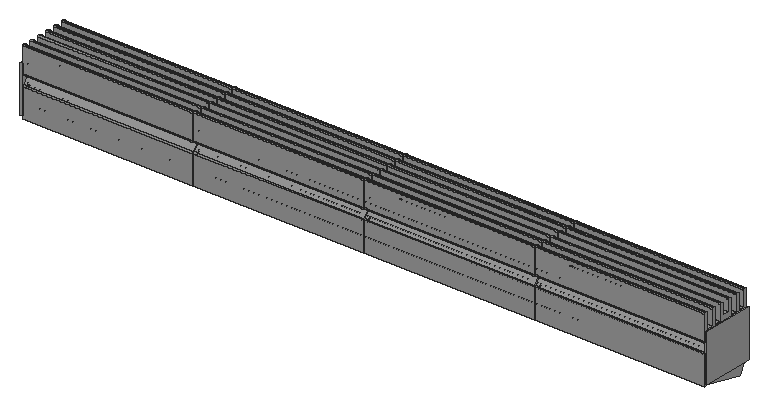
Revit family "Artemide_Sharp_WallWasher_TrimTrimless", category Lighting Fixtures, Revit 2018 (continued)
Types (72, lengths in mm): name | Wattage | V_Trim | V_2Optics | V_1Optic | TotalNumberOfOptics | built-in parameter 1150134 | Photometric Web File | NumberOfOptics | M_Trim | M_Housing | built-in parameter 1150105 | Lumens | built-in parameter 1150107 | built-in parameter 1150106 | URL to O&M Manual | Trim Colour  | Product Model Number | Overall Length | Housing Colour  | Emit from Rectangle Width | Efficiency | built-in parameter 1150104 | Distance_RightEndClosure | Colour Temperature | \u001fM_Louvre
  SharpWallWasher_Trimless_4opticunit_44W_4000K_Black/Black_AF75804 | 44 W | no | no | yes | 4 | 12 | "AF75804.IES" | 3 | none | Artemide_Aluminum_Black | 3100.2 (stored number, unit not read) | 2810.28 lm | 4000 (stored number, unit not read) | 31.002 (stored number, unit not read) | "https://www.artemide.com/contents/documenti/prodotto/sharp_wallwasher_instructions4862666.pdf" | "Black/Black" | "AF75804" | 591 | "Black/Black" | 593.6 | 60 | 5.9337 (stored number, unit not read) | 521.2 | 4000 | Artemide_Aluminum_Black
  SharpWallWasher_Trim_1opticunit_11W_2700K_White/White_AF10901 | 11 W | yes | no | no | 3 | (empty or 0) | "AF10901.IES" | 2 | Artemide_Aluminum_White | Artemide_Aluminum_White | 638.94 (stored number, unit not read) | 616.11 lm | 2700 (stored number, unit not read) | 6.3894 (stored number, unit not read) | "https://www.artemide.com/contents/documenti/prodotto/sharp_wallwasher_instructions4862651.pdf" | "White/White" | "AF10901" | 147 | "White/White" | 146 | 65 | 5.2035 (stored number, unit not read) | 76 | 2700 | Artemide_Aluminum_White
  SharpWallWasher_Trim_1opticunit_11W_2700K_Black/Black_AF10904 | 11 W | yes | no | no | 3 | (empty or 0) | "AF10904.IES" | 2 | Artemide_Aluminum_Black | Artemide_Aluminum_Black | 638.94 (stored number, unit not read) | 616.11 lm | 2700 (stored number, unit not read) | 6.3894 (stored number, unit not read) | "https://www.artemide.com/contents/documenti/prodotto/sharp_wallwasher_instructions4862651.pdf" | "Black/Black" | "AF10904" | 147 | "Black/Black" | 146 | 60 | 5.2035 (stored number, unit not read) | 76 | 2700 | Artemide_Aluminum_Black
  SharpWallWasher_Trim_1opticunit_11W_2700K_Silver/Black_AF10905 | 11 W | yes | no | no | 3 | (empty or 0) | "AF10905.IES" | 2 | Artemide_Aluminum_BrushedSilver | Artemide_Aluminum_BrushedSilver | 638.94 (stored number, unit not read) | 616.11 lm | 2700 (stored number, unit not read) | 6.3894 (stored number, unit not read) | "https://www.artemide.com/contents/documenti/prodotto/sharp_wallwasher_instructions4862651.pdf" | "Silver/Black" | "AF10905" | 147 | "Silver/Black" | 146 | 60 | 5.2035 (stored number, unit not read) | 76 | 2700 | Artemide_Aluminum_Black
  SharpWallWasher_Trim_1opticunit_11W_2700K_White/Black_AF10954 | 11 W | yes | no | no | 3 | (empty or 0) | "AF10954.IES" | 2 | Artemide_Aluminum_White | Artemide_Aluminum_White | 638.94 (stored number, unit not read) | 616.11 lm | 2700 (stored number, unit not read) | 6.3894 (stored number, unit not read) | "https://www.artemide.com/contents/documenti/prodotto/sharp_wallwasher_instructions4862651.pdf" | "White/Black" | "AF10954" | 147 | "White/Black" | 146 | 60 | 5.2035 (stored number, unit not read) | 76 | 2700 | Artemide_Aluminum_Black
  SharpWallWasher_Trim_1opticunit_11W_3000K_White/White_AF11001 | 11 W | yes | no | no | 3 | (empty or 0) | "AF11001.IES" | 2 | Artemide_Aluminum_White | Artemide_Aluminum_White | 724.21 (stored number, unit not read) | 656.48 lm | 3000 (stored number, unit not read) | 7.2421 (stored number, unit not read) | "https://www.artemide.com/contents/documenti/prodotto/sharp_wallwasher_instructions4862651.pdf" | "White/White" | "AF11001" | 147 | "White/White" | 146 | 60 | 5.5445 (stored number, unit not read) | 76 | 3000 | Artemide_Aluminum_White
  SharpWallWasher_Trim_1opticunit_11W_3000K_Black/Black_AF11004 | 11 W | yes | no | no | 3 | (empty or 0) | "AF11004.IES" | 2 | Artemide_Aluminum_Black | Artemide_Aluminum_Black | 724.21 (stored number, unit not read) | 656.48 lm | 3000 (stored number, unit not read) | 7.2421 (stored number, unit not read) | "https://www.artemide.com/contents/documenti/prodotto/sharp_wallwasher_instructions4862651.pdf" | "Black/Black" | "AF11004" | 147 | "Black/Black" | 146 | 60 | 5.5445 (stored number, unit not read) | 76 | 3000 | Artemide_Aluminum_Black
  SharpWallWasher_Trim_1opticunit_11W_3000K_Silver/Black_AF11005 | 11 W | yes | no | no | 3 | (empty or 0) | "AF11005.IES" | 2 | Artemide_Aluminum_BrushedSilver | Artemide_Aluminum_BrushedSilver | 724.21 (stored number, unit not read) | 656.48 lm | 3000 (stored number, unit not read) | 7.2421 (stored number, unit not read) | "https://www.artemide.com/contents/documenti/prodotto/sharp_wallwasher_instructions4862651.pdf" | "Silver/Black" | "AF11005" | 147 | "Silver/Black" | 146 | 60 | 5.5445 (stored number, unit not read) | 76 | 3000 | Artemide_Aluminum_Black
  SharpWallWasher_Trim_1opticunit_11W_3000K_White/Black_AF11054 | 11 W | yes | no | no | 3 | (empty or 0) | "AF11054.IES" | 2 | Artemide_Aluminum_White | Artemide_Aluminum_White | 724.21 (stored number, unit not read) | 656.48 lm | 3000 (stored number, unit not read) | 7.2421 (stored number, unit not read) | "https://www.artemide.com/contents/documenti/prodotto/sharp_wallwasher_instructions4862651.pdf" | "White/Black" | "AF11054" | 147 | "White/Black" | 146 | 60 | 5.5445 (stored number, unit not read) | 76 | 3000 | Artemide_Aluminum_Black
  SharpWallWasher_Trim_1opticunit_11W_4000K_White/White_AF11101 | 11 W | yes | no | no | 3 | 12 | "AF11101.IES" | 2 | Artemide_Aluminum_White | Artemide_Aluminum_White | 775.06 (stored number, unit not read) | 702.57 lm | 4000 (stored number, unit not read) | 7.7506 (stored number, unit not read) | "https://www.artemide.com/contents/documenti/prodotto/sharp_wallwasher_instructions4862651.pdf" | "White/White" | "AF11101" | 147 | "White/White" | 146 | 65 | 5.9337 (stored number, unit not read) | 76 | 4000 | Artemide_Aluminum_White
  SharpWallWasher_Trim_1opticunit_11W_4000K_Black/Black_AF11104 | 11 W | yes | no | no | 3 | 12 | "AF11104.IES" | 2 | Artemide_Aluminum_Black | Artemide_Aluminum_Black | 775.06 (stored number, unit not read) | 702.57 lm | 4000 (stored number, unit not read) | 7.7506 (stored number, unit not read) | "https://www.artemide.com/contents/documenti/prodotto/sharp_wallwasher_instructions4862651.pdf" | "Black/Black" | "AF11104" | 147 | "Black/Black" | 146 | 60 | 5.9337 (stored number, unit not read) | 76 | 4000 | Artemide_Aluminum_Black
  SharpWallWasher_Trim_1opticunit_11W_4000K_Silver/Black_AF11105 | 11 W | yes | no | no | 3 | 12 | "AF11105.IES" | 2 | Artemide_Aluminum_BrushedSilver | Artemide_Aluminum_BrushedSilver | 775.06 (stored number, unit not read) | 702.57 lm | 4000 (stored number, unit not read) | 7.7506 (stored number, unit not read) | "https://www.artemide.com/contents/documenti/prodotto/sharp_wallwasher_instructions4862651.pdf" | "Silver/Black" | "AF11105" | 147 | "Silver/Black" | 146 | 60 | 5.9337 (stored number, unit not read) | 76 | 4000 | Artemide_Aluminum_Black
  SharpWallWasher_Trim_1opticunit_11W_4000K_White/Black_AF11154 | 11 W | yes | no | no | 3 | 12 | "AF11154.IES" | 2 | Artemide_Aluminum_White | Artemide_Aluminum_White | 775.06 (stored number, unit not read) | 702.57 lm | 4000 (stored number, unit not read) | 7.7506 (stored number, unit not read) | "https://www.artemide.com/contents/documenti/prodotto/sharp_wallwasher_instructions4862651.pdf" | "White/Black" | "AF11154" | 147 | "White/Black" | 146 | 60 | 5.9337 (stored number, unit not read) | 76 | 4000 | Artemide_Aluminum_Black
  SharpWallWasher_Trim_2opticunit_22W_2700K_White/White_AF15601 | 22 W | yes | yes | no | 3 | (empty or 0) | "AF15601.IES" | 2 | Artemide_Aluminum_White | Artemide_Aluminum_White | 1277.9 (stored number, unit not read) | 1232.22 lm | 2700 (stored number, unit not read) | 12.779 (stored number, unit not read) | "https://www.artemide.com/contents/documenti/prodotto/sharp_wallwasher_instructions4862660.pdf" | "White/White" | "AF15601" | 230 | "White/White" | 296.8 | 65 | 5.2035 (stored number, unit not read) | 224.4 | 2700 | Artemide_Aluminum_White
  SharpWallWasher_Trim_2opticunit_22W_3000K_White/White_AF15701 | 22 W | yes | yes | no | 3 | (empty or 0) | "AF15701.IES" | 2 | Artemide_Aluminum_White | Artemide_Aluminum_White | 1361.6 (stored number, unit not read) | 1312.96 lm | 3000 (stored number, unit not read) | 13.616 (stored number, unit not read) | "https://www.artemide.com/contents/documenti/prodotto/sharp_wallwasher_instructions4862660.pdf" | "White/White" | "AF15701" | 230 | "White/White" | 296.8 | 65 | 5.5445 (stored number, unit not read) | 224.4 | 3000 | Artemide_Aluminum_White
  SharpWallWasher_Trim_2opticunit_22W_4000K_White/White_AF15801 | 22 W | yes | yes | no | 3 | 12 | "AF15801.IES" | 2 | Artemide_Aluminum_White | Artemide_Aluminum_White | 1457.2 (stored number, unit not read) | 1405.14 lm | 4000 (stored number, unit not read) | 14.572 (stored number, unit not read) | "https://www.artemide.com/contents/documenti/prodotto/sharp_wallwasher_instructions4862660.pdf" | "White/White" | "AF15801" | 230 | "White/White" | 296.8 | 65 | 5.9337 (stored number, unit not read) | 224.4 | 4000 | Artemide_Aluminum_White
  SharpWallWasher_Trim_2opticunit_22W_2700K_Black/Black_AF15604 | 22 W | yes | yes | no | 3 | (empty or 0) | "AF15604.IES" | 2 | Artemide_Aluminum_Black | Artemide_Aluminum_Black | 1277.9 (stored number, unit not read) | 1232.22 lm | 2700 (stored number, unit not read) | 12.779 (stored number, unit not read) | "https://www.artemide.com/contents/documenti/prodotto/sharp_wallwasher_instructions4862660.pdf" | "Black/Black" | "AF15604" | 230 | "Black/Black" | 296.8 | 60 | 5.2035 (stored number, unit not read) | 224.4 | 2700 | Artemide_Aluminum_Black
  SharpWallWasher_Trim_2opticunit_22W_3000K_Black/Black_AF15704 | 22 W | yes | yes | no | 3 | (empty or 0) | "AF15704.IES" | 2 | Artemide_Aluminum_Black | Artemide_Aluminum_Black | 1448.4 (stored number, unit not read) | 1312.96 lm | 3000 (stored number, unit not read) | 14.484 (stored number, unit not read) | "https://www.artemide.com/contents/documenti/prodotto/sharp_wallwasher_instructions4862660.pdf" | "Black/Black" | "AF15704" | 230 | "Black/Black" | 296.8 | 60 | 5.5445 (stored number, unit not read) | 224.4 | 3000 | Artemide_Aluminum_Black
  SharpWallWasher_Trim_2opticunit_22W_4000K_Black/Black_AF15804 | 22 W | yes | yes | no | 3 | 12 | "AF15804.IES" | 2 | Artemide_Aluminum_Black | Artemide_Aluminum_Black | 1550.1 (stored number, unit not read) | 1405.14 lm | 4000 (stored number, unit not read) | 15.501 (stored number, unit not read) | "https://www.artemide.com/contents/documenti/prodotto/sharp_wallwasher_instructions4862660.pdf" | "Black/Black" | "AF15804" | 230 | "Black/Black" | 296.8 | 60 | 5.9337 (stored number, unit not read) | 224.4 | 4000 | Artemide_Aluminum_Black
  SharpWallWasher_Trim_2opticunit_22W_2700K_Silver/Black_AF15605 | 22 W | yes | yes | no | 3 | (empty or 0) | "AF15605.IES" | 2 | Artemide_Aluminum_BrushedSilver | Artemide_Aluminum_BrushedSilver | 98.057 (stored number, unit not read) | 1232.22 lm | 2700 (stored number, unit not read) | 0.98057 (stored number, unit not read) | "https://www.artemide.com/contents/documenti/prodotto/sharp_wallwasher_instructions4862660.pdf" | "Silver/Black" | "AF15605" | 230 | "Silver/Black" | 296.8 | 60 | 5.2035 (stored number, unit not read) | 224.4 | 2700 | Artemide_Aluminum_Black
  SharpWallWasher_Trim_2opticunit_22W_3000K_Silver/Black_AF15705 | 22 W | yes | yes | no | 3 | (empty or 0) | "AF15705.IES" | 2 | Artemide_Aluminum_BrushedSilver | Artemide_Aluminum_BrushedSilver | 1448.4 (stored number, unit not read) | 1312.96 lm | 3000 (stored number, unit not read) | 14.484 (stored number, unit not read) | "https://www.artemide.com/contents/documenti/prodotto/sharp_wallwasher_instructions4862660.pdf" | "Silver/Black" | "AF15705" | 230 | "Silver/Black" | 296.8 | 60 | 5.5445 (stored number, unit not read) | 224.4 | 3000 | Artemide_Aluminum_Black
  SharpWallWasher_Trim_2opticunit_22W_4000K_Silver/Black_AF15805 | 22 W | yes | yes | no | 3 | 12 | "AF15805.IES" | 2 | Artemide_Aluminum_BrushedSilver | Artemide_Aluminum_BrushedSilver | 1550.1 (stored number, unit not read) | 1405.14 lm | 4000 (stored number, unit not read) | 15.501 (stored number, unit not read) | "https://www.artemide.com/contents/documenti/prodotto/sharp_wallwasher_instructions4862660.pdf" | "Silver/Black" | "AF15805" | 230 | "Silver/Black" | 296.8 | 60 | 5.9337 (stored number, unit not read) | 224.4 | 4000 | Artemide_Aluminum_Black
  SharpWallWasher_Trim_2opticunit_22W_2700K_White/Black_AF15654 | 22 W | yes | yes | no | 3 | (empty or 0) | "AF15654.IES" | 2 | Artemide_Aluminum_White | Artemide_Aluminum_White | 1359.3 (stored number, unit not read) | 1232.22 lm | 2700 (stored number, unit not read) | 13.593 (stored number, unit not read) | "https://www.artemide.com/contents/documenti/prodotto/sharp_wallwasher_instructions4862660.pdf" | "White/Black" | "AF15654" | 230 | "White/Black" | 296.8 | 60 | 5.2035 (stored number, unit not read) | 224.4 | 2700 | Artemide_Aluminum_Black
  SharpWallWasher_Trim_2opticunit_22W_3000K_White/Black_AF15754 | 22 W | yes | yes | no | 3 | (empty or 0) | "AF15754.IES" | 2 | Artemide_Aluminum_White | Artemide_Aluminum_White | 1448.4 (stored number, unit not read) | 1312.96 lm | 3000 (stored number, unit not read) | 14.484 (stored number, unit not read) | "https://www.artemide.com/contents/documenti/prodotto/sharp_wallwasher_instructions4862660.pdf" | "White/Black" | "AF15754" | 230 | "White/Black" | 296.8 | 60 | 5.5445 (stored number, unit not read) | 224.4 | 3000 | Artemide_Aluminum_Black
  SharpWallWasher_Trim_2opticunit_22W_4000K_White/Black_AF15854 | 22 W | yes | yes | no | 3 | 12 | "AF15854.IES" | 2 | Artemide_Aluminum_White | Artemide_Aluminum_White | 1550.1 (stored number, unit not read) | 1405.14 lm | 4000 (stored number, unit not read) | 15.501 (stored number, unit not read) | "https://www.artemide.com/contents/documenti/prodotto/sharp_wallwasher_instructions4862660.pdf" | "White/Black" | "AF15854" | 230 | "White/Black" | 296.8 | 60 | 5.9337 (stored number, unit not read) | 224.4 | 4000 | Artemide_Aluminum_Black
  SharpWallWasher_Trim_3opticunit_33W_2700K_White/White_AF20601 | 33 W | yes | no | yes | 3 | (empty or 0) | "AF20601.IES" | 2 | Artemide_Aluminum_White | Artemide_Aluminum_White | 2197.4 (stored number, unit not read) | 1991.88 lm | 2700 (stored number, unit not read) | 21.974 (stored number, unit not read) | "https://www.artemide.com/contents/documenti/prodotto/sharp_wallwasher_instructions4862657.pdf" | "White/White" | "AF20601" | 443 | "White/White" | 445.2 | 65 | 5.6076 (stored number, unit not read) | 372.8 | 2700 | Artemide_Aluminum_White
  SharpWallWasher_Trim_3opticunit_33W_3000K_White/White_AF20701 | 33 W | yes | no | yes | 3 | (empty or 0) | "AF20701.IES" | 2 | Artemide_Aluminum_White | Artemide_Aluminum_White | 2200.9 (stored number, unit not read) | 2122.23 lm | 3000 (stored number, unit not read) | 22.009 (stored number, unit not read) | "https://www.artemide.com/contents/documenti/prodotto/sharp_wallwasher_instructions4862657.pdf" | "White/White" | "AF20701" | 443 | "White/White" | 445.2 | 65 | 5.9746 (stored number, unit not read) | 372.8 | 3000 | Artemide_Aluminum_White
  SharpWallWasher_Trim_3opticunit_33W_4000K_White/White_AF20801 | 33 W | yes | no | yes | 3 | 12 | "AF20801.IES" | 2 | Artemide_Aluminum_White | Artemide_Aluminum_White | 2185.8 (stored number, unit not read) | 2107.71 lm | 4000 (stored number, unit not read) | 21.858 (stored number, unit not read) | "https://www.artemide.com/contents/documenti/prodotto/sharp_wallwasher_instructions4862657.pdf" | "White/White" | "AF20801" | 443 | "White/White" | 445.2 | 65 | 5.9337 (stored number, unit not read) | 372.8 | 4000 | Artemide_Aluminum_White
  SharpWallWasher_Trim_3opticunit_33W_2700K_Black/Black_AF20604 | 33 W | yes | no | yes | 3 | (empty or 0) | "AF20604.IES" | 2 | Artemide_Aluminum_Black | Artemide_Aluminum_Black | 1916.8 (stored number, unit not read) | 1848.33 lm | 2700 (stored number, unit not read) | 19.168 (stored number, unit not read) | "https://www.artemide.com/contents/documenti/prodotto/sharp_wallwasher_instructions4862657.pdf" | "Black/Black" | "AF20604" | 443 | "Black/Black" | 445.2 | 60 | 5.2035 (stored number, unit not read) | 372.8 | 2700 | Artemide_Aluminum_Black
  SharpWallWasher_Trim_3opticunit_33W_3000K_Black/Black_AF20704 | 33 W | yes | no | yes | 3 | (empty or 0) | "AF20704.IES" | 2 | Artemide_Aluminum_Black | Artemide_Aluminum_Black | 2172.6 (stored number, unit not read) | 1969.44 lm | 3000 (stored number, unit not read) | 21.726 (stored number, unit not read) | "https://www.artemide.com/contents/documenti/prodotto/sharp_wallwasher_instructions4862657.pdf" | "Black/Black" | "AF20704" | 443 | "Black/Black" | 445.2 | 60 | 5.5445 (stored number, unit not read) | 372.8 | 3000 | Artemide_Aluminum_Black
  SharpWallWasher_Trim_3opticunit_33W_4000K_Black/Black_AF20804 | 33 W | yes | no | yes | 3 | 12 | "AF20804.IES" | 2 | Artemide_Aluminum_Black | Artemide_Aluminum_Black | 2325.2 (stored number, unit not read) | 2107.71 lm | 4000 (stored number, unit not read) | 23.252 (stored number, unit not read) | "https://www.artemide.com/contents/documenti/prodotto/sharp_wallwasher_instructions4862657.pdf" | "Black/Black" | "AF20804" | 443 | "Black/Black" | 445.2 | 60 | 5.9337 (stored number, unit not read) | 372.8 | 4000 | Artemide_Aluminum_Black
  SharpWallWasher_Trim_3opticunit_33W_2700K_Silver/Black_AF20605 | 33 W | yes | no | yes | 3 | (empty or 0) | "AF20605.IES" | 2 | Artemide_Aluminum_BrushedSilver | Artemide_Aluminum_BrushedSilver | 2039 (stored number, unit not read) | 1848.33 lm | 2700 (stored number, unit not read) | 20.39 (stored number, unit not read) | "https://www.artemide.com/contents/documenti/prodotto/sharp_wallwasher_instructions4862657.pdf" | "Silver/Black" | "AF20605" | 443 | "Silver/Black" | 445.2 | 60 | 5.2035 (stored number, unit not read) | 372.8 | 2700 | Artemide_Aluminum_Black
  SharpWallWasher_Trim_3opticunit_33W_3000K_Silver/Black_AF20705 | 33 W | yes | no | yes | 3 | (empty or 0) | "AF20705.IES" | 2 | Artemide_Aluminum_BrushedSilver | Artemide_Aluminum_BrushedSilver | 2172.6 (stored number, unit not read) | 1969.44 lm | 3000 (stored number, unit not read) | 21.726 (stored number, unit not read) | "https://www.artemide.com/contents/documenti/prodotto/sharp_wallwasher_instructions4862657.pdf" | "Silver/Black" | "AF20705" | 443 | "Silver/Black" | 445.2 | 60 | 5.5445 (stored number, unit not read) | 372.8 | 3000 | Artemide_Aluminum_Black
  SharpWallWasher_Trim_3opticunit_33W_4000K_Silver/Black_AF20805 | 33 W | yes | no | yes | 3 | 12 | "AF20805.IES" | 2 | Artemide_Aluminum_BrushedSilver | Artemide_Aluminum_BrushedSilver | 2325.2 (stored number, unit not read) | 2107.71 lm | 4000 (stored number, unit not read) | 23.252 (stored number, unit not read) | "https://www.artemide.com/contents/documenti/prodotto/sharp_wallwasher_instructions4862657.pdf" | "Silver/Black" | "AF20805" | 443 | "Silver/Black" | 445.2 | 60 | 5.9337 (stored number, unit not read) | 372.8 | 4000 | Artemide_Aluminum_Black
  SharpWallWasher_Trim_3opticunit_33W_2700K_White/Black_AF20654 | 33 W | yes | no | yes | 3 | (empty or 0) | "AF20654.IES" | 2 | Artemide_Aluminum_White | Artemide_Aluminum_White | 2039 (stored number, unit not read) | 1848.33 lm | 2700 (stored number, unit not read) | 20.39 (stored number, unit not read) | "https://www.artemide.com/contents/documenti/prodotto/sharp_wallwasher_instructions4862657.pdf" | "White/Black" | "AF20654" | 443 | "White/Black" | 445.2 | 60 | 5.2035 (stored number, unit not read) | 372.8 | 2700 | Artemide_Aluminum_Black
  SharpWallWasher_Trim_3opticunit_33W_3000K_White/Black_AF20754 | 33 W | yes | no | yes | 3 | (empty or 0) | "AF20754.IES" | 2 | Artemide_Aluminum_White | Artemide_Aluminum_White | 2172.6 (stored number, unit not read) | 1969.44 lm | 3000 (stored number, unit not read) | 21.726 (stored number, unit not read) | "https://www.artemide.com/contents/documenti/prodotto/sharp_wallwasher_instructions4862657.pdf" | "White/Black" | "AF20754" | 443 | "White/Black" | 445.2 | 60 | 5.5445 (stored number, unit not read) | 372.8 | 3000 | Artemide_Aluminum_Black
  SharpWallWasher_Trim_3opticunit_33W_4000K_White/Black_AF20854 | 33 W | yes | no | yes | 3 | 12 | "AF20854.IES" | 2 | Artemide_Aluminum_White | Artemide_Aluminum_White | 2325.2 (stored number, unit not read) | 2107.71 lm | 4000 (stored number, unit not read) | 23.252 (stored number, unit not read) | "https://www.artemide.com/contents/documenti/prodotto/sharp_wallwasher_instructions4862657.pdf" | "White/Black" | "AF20854" | 443 | "White/Black" | 445.2 | 60 | 5.9337 (stored number, unit not read) | 372.8 | 4000 | Artemide_Aluminum_Black
  SharpWallWasher_Trim_4opticunit_44W_2700K_White/White_AF25601 | 44 W | yes | no | yes | 4 | (empty or 0) | "AF25601.IES" | 3 | Artemide_Aluminum_White | Artemide_Aluminum_White | 2929.8 (stored number, unit not read) | 2655.84 lm | 2700 (stored number, unit not read) | 29.298 (stored number, unit not read) | "https://www.artemide.com/contents/documenti/prodotto/sharp_wallwasher_instructions4862666.pdf" | "White/White" | "AF25601" | 591 | "White/White" | 593.6 | 65 | 5.6076 (stored number, unit not read) | 521.2 | 2700 | Artemide_Aluminum_White
  SharpWallWasher_Trim_4opticunit_44W_3000K_White/White_AF25701 | 44 W | yes | no | yes | 4 | (empty or 0) | "AF25701.IES" | 3 | Artemide_Aluminum_White | Artemide_Aluminum_White | 2934.5 (stored number, unit not read) | 2829.64 lm | 3000 (stored number, unit not read) | 29.345 (stored number, unit not read) | "https://www.artemide.com/contents/documenti/prodotto/sharp_wallwasher_instructions4862666.pdf" | "White/White" | "AF25701" | 591 | "White/White" | 593.6 | 65 | 5.9746 (stored number, unit not read) | 521.2 | 3000 | Artemide_Aluminum_White
  SharpWallWasher_Trim_4opticunit_44W_4000K_White/White_AF25801 | 44 W | yes | no | yes | 4 | 12 | "AF25801.IES" | 3 | Artemide_Aluminum_White | Artemide_Aluminum_White | 3140.3 (stored number, unit not read) | 3028.08 lm | 4000 (stored number, unit not read) | 31.403 (stored number, unit not read) | "https://www.artemide.com/contents/documenti/prodotto/sharp_wallwasher_instructions4862666.pdf" | "White/White" | "AF25801" | 591 | "White/White" | 593.6 | 65 | 6.3936 (stored number, unit not read) | 521.2 | 4000 | Artemide_Aluminum_White
  SharpWallWasher_Trim_4opticunit_44W_2700K_Black/Black_AF25604 | 44 W | yes | no | yes | 4 | (empty or 0) | "AF25604.IES" | 3 | Artemide_Aluminum_Black | Artemide_Aluminum_Black | 2555.8 (stored number, unit not read) | 2464.44 lm | 2700 (stored number, unit not read) | 25.558 (stored number, unit not read) | "https://www.artemide.com/contents/documenti/prodotto/sharp_wallwasher_instructions4862666.pdf" | "Black/Black" | "AF25604" | 591 | "Black/Black" | 593.6 | 60 | 5.2035 (stored number, unit not read) | 521.2 | 2700 | Artemide_Aluminum_Black
  SharpWallWasher_Trim_4opticunit_44W_3000K_Black/Black_AF25704 | 44 W | yes | no | yes | 4 | (empty or 0) | "AF25704.IES" | 3 | Artemide_Aluminum_Black | Artemide_Aluminum_Black | 2896.8 (stored number, unit not read) | 2625.92 lm | 3000 (stored number, unit not read) | 28.968 (stored number, unit not read) | "https://www.artemide.com/contents/documenti/prodotto/sharp_wallwasher_instructions4862666.pdf" | "Black/Black" | "AF25704" | 591 | "Black/Black" | 593.6 | 60 | 5.5445 (stored number, unit not read) | 521.2 | 3000 | Artemide_Aluminum_Black
  SharpWallWasher_Trim_4opticunit_44W_4000K_Black/Black_AF25804 | 44 W | yes | no | yes | 4 | 12 | "AF25804.IES" | 3 | Artemide_Aluminum_Black | Artemide_Aluminum_Black | 3100.2 (stored number, unit not read) | 2810.28 lm | 4000 (stored number, unit not read) | 31.002 (stored number, unit not read) | "https://www.artemide.com/contents/documenti/prodotto/sharp_wallwasher_instructions4862666.pdf" | "Black/Black" | "AF25804" | 591 | "Black/Black" | 593.6 | 60 | 5.9337 (stored number, unit not read) | 521.2 | 4000 | Artemide_Aluminum_Black
  SharpWallWasher_Trim_4opticunit_44W_2700K_Silver/Black_AF25605 | 44 W | yes | no | yes | 4 | (empty or 0) | "AF25605.IES" | 3 | Artemide_Aluminum_Black | Artemide_Aluminum_Black | 2718.7 (stored number, unit not read) | 2464.44 lm | 2700 (stored number, unit not read) | 27.187 (stored number, unit not read) | "https://www.artemide.com/contents/documenti/prodotto/sharp_wallwasher_instructions4862666.pdf" | "Silver/Black" | "AF25605" | 591 | "Silver/Black" | 593.6 | 60 | 5.2035 (stored number, unit not read) | 521.2 | 2700 | Artemide_Aluminum_Black
  SharpWallWasher_Trim_4opticunit_44W_3000K_Silver/Black_AF25705 | 44 W | yes | no | yes | 4 | (empty or 0) | "AF25705.IES" | 3 | Artemide_Aluminum_Black | Artemide_Aluminum_Black | 2896.8 (stored number, unit not read) | 2625.92 lm | 3000 (stored number, unit not read) | 28.968 (stored number, unit not read) | "https://www.artemide.com/contents/documenti/prodotto/sharp_wallwasher_instructions4862666.pdf" | "Silver/Black" | "AF25705" | 591 | "Silver/Black" | 593.6 | 60 | 5.5445 (stored number, unit not read) | 521.2 | 3000 | Artemide_Aluminum_Black
  SharpWallWasher_Trim_4opticunit_44W_4000K_Silver/Black_AF25805 | 44 W | yes | no | yes | 4 | 12 | "AF25805.IES" | 3 | Artemide_Aluminum_Black | Artemide_Aluminum_Black | 3100.2 (stored number, unit not read) | 2810.28 lm | 4000 (stored number, unit not read) | 31.002 (stored number, unit not read) | "https://www.artemide.com/contents/documenti/prodotto/sharp_wallwasher_instructions4862666.pdf" | "Silver/Black" | "AF25805" | 591 | "Silver/Black" | 593.6 | 60 | 5.9337 (stored number, unit not read) | 521.2 | 4000 | Artemide_Aluminum_Black
  SharpWallWasher_Trim_4opticunit_44W_2700K_White/Black_AF25654 | 44 W | yes | no | yes | 4 | (empty or 0) | "AF25654.IES" | 3 | Artemide_Aluminum_White | Artemide_Aluminum_White | 2718.7 (stored number, unit not read) | 2464.44 lm | 2700 (stored number, unit not read) | 27.187 (stored number, unit not read) | "https://www.artemide.com/contents/documenti/prodotto/sharp_wallwasher_instructions4862666.pdf" | "White/Black" | "AF25654" | 591 | "White/Black" | 593.6 | 60 | 5.2035 (stored number, unit not read) | 521.2 | 2700 | Artemide_Aluminum_Black
  SharpWallWasher_Trim_4opticunit_44W_3000K_White/Black_AF25754 | 44 W | yes | no | yes | 4 | (empty or 0) | "AF25754.IES" | 3 | Artemide_Aluminum_White | Artemide_Aluminum_White | 2896.8 (stored number, unit not read) | 2625.92 lm | 3000 (stored number, unit not read) | 28.968 (stored number, unit not read) | "https://www.artemide.com/contents/documenti/prodotto/sharp_wallwasher_instructions4862666.pdf" | "White/Black" | "AF25754" | 591 | "White/Black" | 593.6 | 60 | 5.5445 (stored number, unit not read) | 521.2 | 3000 | Artemide_Aluminum_Black
  SharpWallWasher_Trim_4opticunit_44W_4000K_White/Black_AF25854 | 44 W | yes | no | yes | 4 | 12 | "AF25854.IES" | 3 | Artemide_Aluminum_White | Artemide_Aluminum_White | 3100.2 (stored number, unit not read) | 2810.28 lm | 4000 (stored number, unit not read) | 31.002 (stored number, unit not read) | "https://www.artemide.com/contents/documenti/prodotto/sharp_wallwasher_instructions4862666.pdf" | "White/Black" | "AF25854" | 591 | "White/Black" | 593.6 | 60 | 5.9337 (stored number, unit not read) | 521.2 | 4000 | Artemide_Aluminum_Black
